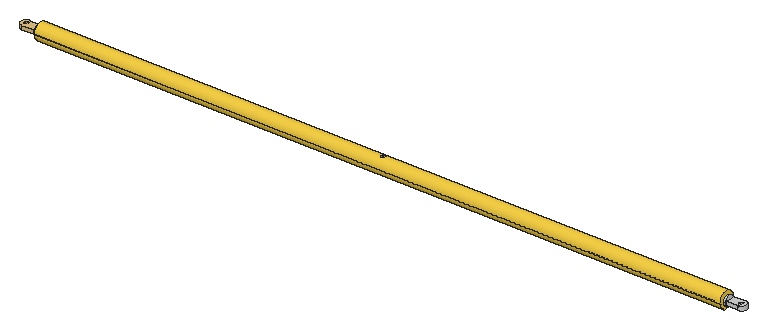
Revit family "PUSH-PULL PROP 3,6-4,8_1908168", category Generic Models, Revit 2018
Family settings
  Can host rebar = No
  Round Connector Dimension = Use Diameter
  Part Type = Normal
  OmniClass Number = 35.51.14.00
  OmniClass Title = FORMWORK
  Work Plane-Based = Yes
  Always vertical = No
  Cut with Voids When Loaded = No
  Shared = Yes
  Room Calculation Point = No
Parameters
  VERSION = "20190101"  # constant formula
  URL = "www.ulmaconstruction.com/en"
  UNICLASS = ""
  Manufacturer = "ULMA CONSTRUCTION"  # constant formula
  MIN LENGTH = 3600.000 mm
  MAX LENGTH = 4800.000 mm
  LENGTH [instance] = 3600.000 mm
  ITEM_LENGTH [instance] = if(LENGTH < MIN LENGTH, MIN LENGTH, if(LENGTH < MAX LENGTH, LENGTH, MAX LENGTH))  # 3600.000 mm
  FILTER [instance] = ""
  Default Elevation = 0.000 mm
  CLASSIFICATION_TITLE = ""
  CLASSIFICATION_NUMBER = ""
Reference planes
  plane 1 "Centro (Frontal/Posterior)": y = 0
  plane 2: z = 0
  plane 3 "Centro (Izquierda/Derecha)": x = 0
  plane 4 "MIDDLE": x = 1800
  plane 5 "LEFT SCREW START": x = 60
  plane 6 "LEFT SCREW END": x = 760
  plane 7 "BODY START": x = 75
  plane 8 "BODY END": x = 3525
  plane 9 "RIGHT SCREW END": x = 2840
  plane 10 "RIGHT SCREW START": x = 3540
  plane 11 "ITEM_LENGTH": x = 3600
  plane 12 "LENGTH": x = 3600
Forms (mm)
  Extrusion 1, solid, material "ULMA YELLOW", detail levels medium+fine
    sketch origin (75, 97.331, 1219.2) x (0, 1, 0) y (0, 0, 1)
      loop
        circle (-97.331, -1219.2) r 40
    from 0 to 3450
  Extrusion 2, solid, material "ULMA BICHROMATE", detail levels medium+fine
    sketch origin (0, 0, 0) x (1, 0, 0) y (0, 1, 0)
      loop
        line (60, -25) -> (60, 25) -> (0, 25)
        arc (0, 25) -> (-25, 0) -> (0, -25) r 25
        line (0, -25) -> (60, -25)
      loop
        circle (0, 0) r 9
    from -9 to 9
  Extrusion 3, solid, material "ULMA BICHROMATE", detail levels medium+fine
    sketch origin (60, 91.7, 1219.2) x (0, 1, 0) y (0, 0, 1)
      loop
        circle (-91.7, -1219.2) r 24
    from 0 to 700
  Extrusion 4, solid, material "ULMA ZINC", detail levels medium+fine
    sketch origin (1100, 0, 0) x (-1, 0, 0) y (0, -1, 0)
      loop
        line (-2440, 25) -> (-2500, 25)
        arc (-2500, 25) -> (-2525, 0) -> (-2500, -25) r 25
        line (-2500, -25) -> (-2440, -25) -> (-2440, 25)
      loop
        circle (-2500, 0) r 9
    from -9 to 9
  Extrusion 5, solid, material "ULMA ZINC", detail levels medium+fine
    sketch origin (1040, 91.7, 1219.2) x (0, 1, 0) y (0, 0, -1)
      loop
        circle (-91.7, 1219.2) r 24
    from -2500 to -1800
  Extrusion 6, void
    sketch origin (0, 0, 0) x (1, 0, 0) y (0, 1, 0)
      loop
        circle (1800, 0) r 10.7
    from -50 to 50
Cuts and joins
  Extrusion 6 cuts Extrusion 1
Lines and regions (mm)
  model lines, style "ULMA PUSH-PULL PROP", detail levels coarse
    curve 1: line (0, 0, 0) -> (3600, 0, 0)
Dimensions and locks
  "ITEM_LENGTH": plane 3 "Centro (Izquierda/Derecha)" to plane 11 "ITEM_LENGTH"
  "LENGTH": plane 3 "Centro (Izquierda/Derecha)" to plane 12 "LENGTH"
  locked: plane 3 "Centro (Izquierda/Derecha)" to plane 5 "LEFT SCREW START" at 60
  locked: plane 5 "LEFT SCREW START" to plane 6 "LEFT SCREW END" at 700
  locked: plane 10 "RIGHT SCREW START" to plane 11 "ITEM_LENGTH" at 60
  locked: plane 9 "RIGHT SCREW END" to plane 10 "RIGHT SCREW START" at 700
  equal spacing: plane 3 "Centro (Izquierda/Derecha)", plane 4 "MIDDLE", plane 11 "ITEM_LENGTH"
  equal spacing: plane 7 "BODY START", plane 4 "MIDDLE", plane 8 "BODY END"
  locked: plane 7 "BODY START" to plane 8 "BODY END" at 3450
  diameter of Extrusion 3 sketch curve = 48.000 mm
  diameter of Extrusion 5 sketch curve = 48.000 mm
  diameter of Extrusion 1 sketch curve = 80.000 mm
  aligned and locked: level to plane 2
  aligned and locked: Extrusion 1 to plane 7 "BODY START"
  aligned and locked: plane 8 "BODY END" to Extrusion 1
  aligned and locked: plane 5 "LEFT SCREW START" to Extrusion 2
  aligned and locked: Extrusion 3 to plane 5 "LEFT SCREW START"
  aligned and locked: plane 6 "LEFT SCREW END" to Extrusion 3
  aligned and locked: plane 10 "RIGHT SCREW START" to Extrusion 4
  aligned and locked: Extrusion 5 to plane 10 "RIGHT SCREW START"
  aligned and locked: Extrusion 5 to plane 9 "RIGHT SCREW END"
Automatic sketch dimensions
  Extrusion 2 sketch curve to Extrusion 2 sketch curve = 0.000 mm  (x2)
  Extrusion 2 sketch curve to plane 3 "Centro (Izquierda/Derecha)" = 0.000 mm
  Extrusion 2 sketch curve to plane 5 "LEFT SCREW START" = 0.000 mm
  plane 1 "Centro (Frontal/Posterior)" to Extrusion 2 sketch curve = 0.000 mm
  plane 1 "Centro (Frontal/Posterior)" to Extrusion 2 sketch curve = 25.000 mm
  Extrusion 4 sketch curve to Extrusion 4 sketch curve = 0.000 mm  (x2)
  plane 1 "Centro (Frontal/Posterior)" to Extrusion 4 sketch curve = 0.000 mm
  Extrusion 4 sketch curve to plane 10 "RIGHT SCREW START" = 0.000 mm
  Extrusion 4 sketch curve to plane 1 "Centro (Frontal/Posterior)" = 25.000 mm
  Extrusion 4 sketch curve to Extrusion 4 sketch curve = 60.000 mm
  plane 1 "Centro (Frontal/Posterior)" to Extrusion 6 sketch curve = 0.000 mm
  Extrusion 6 sketch curve to plane 4 "MIDDLE" = 0.000 mm
  plane 1 "Centro (Frontal/Posterior)" to curve 1 = 0.000 mm
  curve 1 to plane 3 "Centro (Izquierda/Derecha)" = 0.000 mm
  curve 1 to plane 11 "ITEM_LENGTH" = 0.000 mm
  Extrusion 1 sketch curve to level = 0.000 mm
  Extrusion 1 sketch curve to plane 1 "Centro (Frontal/Posterior)" = 0.000 mm
  Extrusion 3 sketch curve to level = 0.000 mm
  Extrusion 3 sketch curve to plane 1 "Centro (Frontal/Posterior)" = 0.000 mm
  Extrusion 5 sketch curve to level = 0.000 mm
  Extrusion 5 sketch curve to plane 1 "Centro (Frontal/Posterior)" = 0.000 mm
  radius of Extrusion 2 sketch curve = 9.000 mm
  radius of Extrusion 4 sketch curve = 9.000 mm
  radius of Extrusion 6 sketch curve = 10.700 mm
